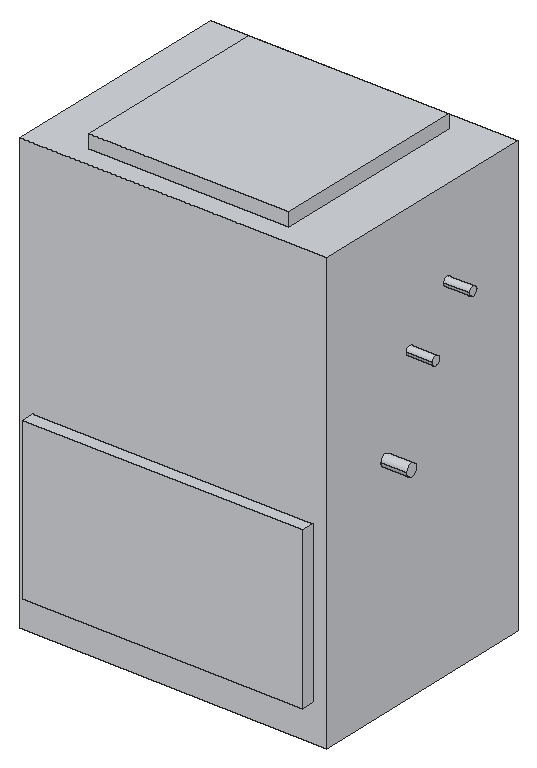
Revit family "85544f2185de4da18827111eff5c1cda", category Mechanical Equipment, Revit 2021
Family settings
  Round Connector Dimension = Use Diameter
  Part Type = Normal
  OmniClass Number = 23.75.70.17.27
  OmniClass Title = Fan Coil Units
  Seek Item ID = Fan Coil Unit - Vertical Ducted - CHW-0000-USA-ENU
  Work Plane-Based = No
  Always vertical = Yes
  Cut with Voids When Loaded = No
  Shared = No
  Room Calculation Point = No
Parameters (values of type "600 CFM")
  Water Pressure Drop [instance] = 1.40 psi
  Voltage = 120 V
  Unit Length = 1' - 11"
  Total Cooling Capacity = 19700 Btu/h
  Supply Air Width = 15"
  Sensible Cooling Capacity = 14400 Btu/h
  Return Air Width = 21"
  Number of Poles = 1
  Nominal Air Flow [instance] = 600 CFM
  Load Classification = Cooling
  External Static Pressure [instance] = 0.30 in-wg
  Drain Flow [instance] = 0 GPM
  Default Elevation = 0' - 0"
  Chilled Water Flow [instance] = 4 GPM
  CFU Material = none
  C2 Offset 1 = 0' - 6 11/16"
  Apparent Load = 265 VA
Types (9): name | Water Pressure Drop | Unit Length | Total Cooling Capacity | Supply Air Width | Sensible Cooling Capacity | Return Air Width | Nominal Air Flow | Chilled Water Flow | C2 Offset 1 | Apparent Load
  (no name) | 1.40 psi | 1' - 11" | 19700 Btu/h | 15" | 14400 Btu/h | 21" | 600 CFM | 4 GPM | 0' - 6 11/16" | 265 VA
  600 CFM | 1.40 psi | 1' - 11" | 19700 Btu/h | 15" | 14400 Btu/h | 21" | 600 CFM | 4 GPM | 0' - 6 11/16" | 265 VA
  800 CFM | 3.10 psi | 2' - 4" | 29400 Btu/h | 20" | 20600 Btu/h | 26" | 800 CFM | 6 GPM | 0' - 6 11/16" | 310 VA
  1000 CFM | 6.50 psi | 2' - 8" | 38500 Btu/h | 24" | 26400 Btu/h | 30" | 1000 CFM | 8 GPM | 0' - 5 3/8" | 440 VA
  1200 CFM | 13.00 psi | 3' - 1" | 47600 Btu/h | 29" | 32300 Btu/h | 35" | 1200 CFM | 10 GPM | 0' - 5 3/8" | 550 VA
  1400 CFM | 21.00 psi | 3' - 6" | 52800 Btu/h | 34" | 36500 Btu/h | 40" | 1400 CFM | 11 GPM | 0' - 5 3/8" | 690 VA
  1600 CFM | 25.00 psi | 3' - 11" | 64700 Btu/h | 39" | 43600 Btu/h | 45" | 1600 CFM | 15 GPM | 0' - 5 3/8" | 900 VA
  1800 CFM | 25.00 psi | 4' - 4" | 75700 Btu/h | 44" | 50400 Btu/h | 50" | 1800 CFM | 19 GPM | 0' - 5 3/8" | 1015 VA
  2000 CFM | 25.00 psi | 4' - 8" | 82400 Btu/h | 48" | 55200 Btu/h | 54" | 2000 CFM | 19 GPM | 0' - 5 3/8" | 1020 VA
Reference planes (in)
  plane 1 "Center (Front/Back)": y = 0
  plane 2: z = 0
  plane 3 "Center (Left/Right)": x = 0
  plane 4: x = 23
  plane 5: y = 1.5
  plane 6: y = 16.5
  plane 7: y = 17.94889
  plane 8: z = 33
  plane 9: z = 2.75
  plane 10: z = 14.75
  plane 11: x = 1
  plane 12: x = 22
  plane 13: y = -1
  plane 14: x = 4
  plane 15: x = 19
  plane 16: z = 34
  plane 17: x = 25
  plane 18: z = 17
  plane 19: y = 5.5
  plane 20: z = 23.375
  plane 21: y = 7.76139
  plane 22: z = 26.5
  plane 23: y = 11.26139
Forms (in)
  Extrusion 1, solid, material <- "CFU Material"
    sketch origin (0, 0, 0) x (1, 0, 0) y (0, 1, 0)
      loop
        line (0, 17.94889) -> (0, 0) -> (23, 0) -> (23, 17.94889) -> (0, 17.94889)
    from 0 to 33
  Extrusion 2, solid, material <- "CFU Material"
    sketch origin (0, 0, 0) x (1, 0, 0) y (0, 0, 1)
      loop
        line (1, 14.75) -> (1, 2.75) -> (22, 2.75) -> (22, 14.75) -> (1, 14.75)
    from 0 to 1
  Extrusion 3, solid, material <- "CFU Material"
    sketch origin (0, 0, 0) x (1, 0, 0) y (0, 1, 0)
      loop
        line (4, 16.5) -> (4, 1.5) -> (19, 1.5) -> (19, 16.5) -> (4, 16.5)
    from 33 to 34
  Extrusion 4, solid, material <- "CFU Material"
    sketch origin (0, 0, 0) x (0, 1, 0) y (0, 0, 1)
      loop
        circle (5.5, 17) r 0.4375
    from 23 to 25
  Extrusion 5, solid, material <- "CFU Material"
    sketch origin (0, 0, 0) x (0, 1, 0) y (0, 0, 1)
      loop
        circle (7.76139, 23.375) r 0.3125
    from 23 to 25
  Extrusion 6, solid, material <- "CFU Material"
    sketch origin (0, 0, 0) x (0, 1, 0) y (0, 0, 1)
      loop
        circle (11.26139, 26.5) r 0.3125
    from 23 to 25
  Extrusion 7, solid, material <- "CFU Material"
    sketch origin (0, 0, 0) x (0, 1, 0) y (0, 0, 1)
      loop
        circle (1.5, 2.75) r 1
    from 22 to 23
Cuts and joins
  joined: Extrusion 1, Extrusion 2, Extrusion 3, Extrusion 4, Extrusion 5, Extrusion 6, Extrusion 7
Dimensions and locks (in)
  locked: plane 1 "Center (Front/Back)" to plane 5 at 1.5
  locked: plane 5 to plane 6 at 15
  locked: plane 6 to plane 7 at 1.44889
  "Unit Length": plane 3 "Center (Left/Right)" to plane 4
  locked: plane 8 to plane 2 at 33
  locked: plane 9 to plane 2 at 2.75
  locked: plane 10 to plane 9 at 12
  locked: plane 11 to plane 3 "Center (Left/Right)" at 1
  "Return Air Width": plane 12 to plane 11
  locked: plane 13 to plane 1 "Center (Front/Back)" at 1
  locked: plane 3 "Center (Left/Right)" to plane 14 at 4
  "Supply Air Width": plane 14 to plane 15
  locked: plane 16 to plane 8 at 1
  locked: plane 4 to plane 17 at 2
  locked: plane 18 to plane 2 at 17
  locked: plane 20 to plane 2 at 23.375
  locked: plane 21 to plane 7 at 10.1875
  locked: plane 22 to plane 2 at 26.5
  "C2 Offset 1": plane 23 to plane 7
  locked: plane 1 "Center (Front/Back)" to plane 19 at 5.5
  radius of Extrusion 5 sketch curve = 0' - 0 5/16"
  radius of Extrusion 6 sketch curve = 0' - 0 5/16"
  radius of Extrusion 7 sketch curve = 0' - 1"
  aligned and locked: plane 3 "Center (Left/Right)" to Extrusion 1 sketch curve
  aligned and locked: plane 7 to Extrusion 1 sketch curve
  aligned and locked: Extrusion 1 sketch curve to plane 4
  aligned and locked: Extrusion 1 sketch curve to plane 1 "Center (Front/Back)"
  aligned and locked: Extrusion 1 to plane 2
  aligned and locked: plane 8 to Extrusion 1
  aligned and locked: Extrusion 2 sketch curve to plane 10
  aligned and locked: plane 11 to Extrusion 2 sketch curve
  aligned and locked: plane 9 to Extrusion 2 sketch curve
  aligned and locked: Extrusion 2 sketch curve to plane 12
  aligned and locked: Extrusion 2 to plane 1 "Center (Front/Back)"
  aligned and locked: plane 13 to Extrusion 2
  aligned and locked: plane 6 to Extrusion 3 sketch curve
  aligned and locked: plane 14 to Extrusion 3 sketch curve
  aligned and locked: Extrusion 3 sketch curve to plane 5
  aligned and locked: Extrusion 3 sketch curve to plane 15
  aligned and locked: plane 16 to Extrusion 3
  aligned and locked: Extrusion 3 to plane 8
  aligned and locked: plane 18 to Extrusion 4 sketch curve
  aligned and locked: plane 19 to Extrusion 4 sketch curve
  aligned and locked: plane 17 to Extrusion 4
  aligned and locked: Extrusion 4 to plane 4
  aligned and locked: plane 20 to Extrusion 5 sketch curve
  aligned and locked: plane 21 to Extrusion 5 sketch curve
  aligned and locked: plane 17 to Extrusion 5
  aligned and locked: Extrusion 5 to plane 4
  aligned and locked: plane 22 to Extrusion 6 sketch curve
  aligned and locked: plane 23 to Extrusion 6 sketch curve
  aligned and locked: plane 17 to Extrusion 6
  aligned and locked: Extrusion 6 to plane 4
  aligned and locked: plane 9 to Extrusion 7 sketch curve
  aligned and locked: plane 5 to Extrusion 7 sketch curve
  aligned and locked: plane 4 to Extrusion 7
  aligned and locked: Extrusion 7 to plane 12
Automatic sketch dimensions
  radius of Extrusion 4 sketch curve = 0' - 0 7/16"
Connectors (in)
  piping at (25, 7.76139, 23.375), diameter 0.625, driven by "Chilled Water Flow"
    settings: on cut or joined group of Extrusion 1, Extrusion 2, Extrusion 3, Extrusion 4, Extrusion 5, Extrusion 6, Extrusion 7, index 1, connector inside diameter 5/8", connector length 0' - 0", flow factor 0, pipe flow 4 GPM, pressure drop 0.00 psi, fitting loss kfactor 0, connector angle 0.00°, fixture units 0, engagement length 0' - 0", angle of deflection 0.00°, flow configuration 1, flow direction 1, fitting loss method 4, system type 7, joint type 0, gender type 0, connector reference index 2, connector utility 0, adjustable connector no, is connector primary yes, connector description "Chilled Water,In"
  piping at (25, 11.26139, 26.5), diameter 0.625, driven by "Chilled Water Flow", driven by "Water Pressure Drop"
    settings: on cut or joined group of Extrusion 1, Extrusion 2, Extrusion 3, Extrusion 4, Extrusion 5, Extrusion 6, Extrusion 7, index 2, connector inside diameter 5/8", connector length 0' - 0", flow factor 0, pipe flow 4 GPM, pressure drop 1.40 psi, fitting loss kfactor 0, connector angle 0.00°, fixture units 0, engagement length 0' - 0", angle of deflection 0.00°, flow configuration 1, flow direction 2, fitting loss method 4, system type 8, joint type 0, gender type 0, connector reference index 1, connector utility 0, adjustable connector no, is connector primary no, connector description "Chilled Water,Out"
  piping at (25, 5.5, 17), diameter 0.875, driven by "Drain Flow"
    settings: on cut or joined group of Extrusion 1, Extrusion 2, Extrusion 3, Extrusion 4, Extrusion 5, Extrusion 6, Extrusion 7, index 3, connector inside diameter 7/8", connector length 0' - 0", flow factor 0, pipe flow 0 GPM, pressure drop 0.00 psi, fitting loss kfactor 0, connector angle 0.00°, fixture units 0, engagement length 0' - 0", angle of deflection 0.00°, flow configuration 1, flow direction 2, fitting loss method 0, system type 16, joint type 0, gender type 0, connector reference index -1, connector utility 0, adjustable connector yes, is connector primary no, connector description "Drain,Out"
  hvac at (11.5, 9, 34), driven by "Supply Air Width", driven by "Nominal Air Flow"
    settings: on cut or joined group of Extrusion 1, Extrusion 2, Extrusion 3, Extrusion 4, Extrusion 5, Extrusion 6, Extrusion 7, index 4, duct flow 600 CFM, flow factor 0, pres drop 0.00 in-wg, loss coef 0, conn angle 0.00°, conn width 15", conn height 15", conn diameter 24", duct sys type 1, conn prof type 1, flow config 0, flow direction 2, loss method 0, conn ref index 5, conn util no, is conn primary yes, conn desc ""
  hvac at (11.5, -1, 8.75), driven by "Nominal Air Flow", driven by "Return Air Width"
    settings: on cut or joined group of Extrusion 1, Extrusion 2, Extrusion 3, Extrusion 4, Extrusion 5, Extrusion 6, Extrusion 7, index 5, duct flow 600 CFM, flow factor 0, pres drop 0.00 in-wg, loss coef 0, conn angle 0.00°, conn width 21", conn height 12", conn diameter 24", duct sys type 2, conn prof type 1, flow config 0, flow direction 1, loss method 0, conn ref index 4, conn util no, is conn primary no, conn desc ""
  electrical at (23, 1.5, 2.75), driven by "Apparent Load", driven by "Voltage", driven by "Number of Poles", driven by "Load Classification"
    settings: on Extrusion 7, index 6, voltage 120 V, apparent load 265 VA, apparent load phase1 0 VA, apparent load phase2 0 VA, apparent load phase3 0 VA, power factor 0.8, load classification "Cooling", number of poles 1, system type 30, power factor state 1, is connector primary yes, connector utility no, sub classification motor no, connector description ""
